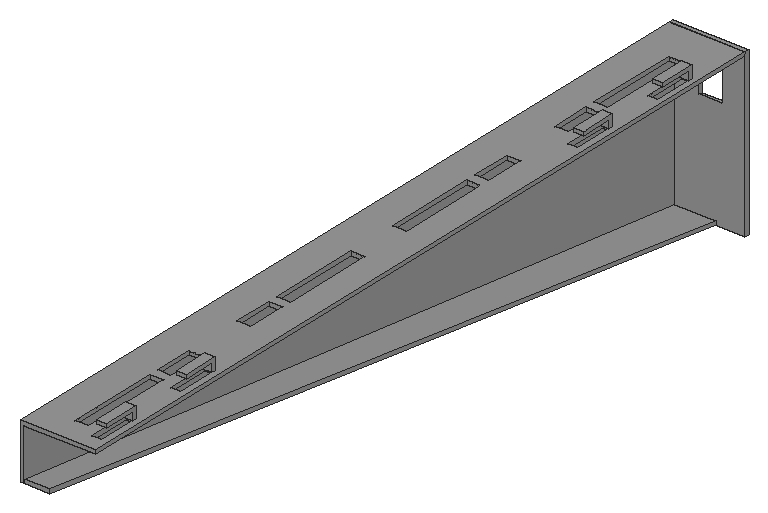
Revit family "MWAG 12 41 A2", category Generic Models, Revit 2017
Family settings
  Can host rebar = No
  Round Connector Dimension = Use Diameter
  Part Type = Normal
  Work Plane-Based = No
  Always vertical = Yes
  Cut with Voids When Loaded = No
  Shared = No
  Room Calculation Point = No
Parameters (values of type "MWAG 12 41 A2")
  URL = "http://www.obo-bettermann.com"
  Material = Edelstahl, rostfrei 1.4301 [117]
  Manufacturer Art.No. = "6424406"
  Manufacturer = "OBO BETTERMANN"
  GTIN = ""
  Cut's number = 2
  Article Type = "MWAG 12 41 A2"
Reference planes
  plane 1 "Center (Front/Back)": y = 0
  plane 2: z = 0
  plane 3 "Center (Left/Right)": x = 0
  plane 4: y = -1.9
  plane 5: y = -410.8
  plane 6: z = 55.5
  plane 7: x = 15
  plane 8: x = 23.3
  plane 9: z = 76.9
  plane 10: x = 20.5
  plane 11: y = -397.8
  plane 12: x = 20.5
  plane 13: y = -345.774
  plane 14: y = -295.774
  plane 15: y = -270.774
  plane 16: y = -210.774
  plane 17: y = -210.774
  plane 18: y = -23.747
  plane 19: x = 20.5
  plane 20: y = -75.774
  plane 21: y = -125.774
  plane 22: y = -150.774
  plane 23: y = -210.774
  plane 24: y = -383.8
  plane 25: x = 32.5
  plane 26: x = 30
  plane 27: x = 35
  plane 28: y = -333.8
  plane 29: y = -83.8
  plane 30: y = -33.8
Forms (mm)
  Extrusion 1, solid, material "Edelstahl, rostfrei 1.4301 [117]" <- "Material"
    sketch origin (0, 0, 0) x (1, 0, 0) y (0, 0, 1)
      loop
        line (0, 0) -> (38, 0) -> (38, 83.4) -> (0, 83.4) -> (0, 0)
    from 0 to 1.9
  Extrusion 2, solid, material "Edelstahl, rostfrei 1.4301 [117]" <- "Material"
    sketch origin (0, 0, 0) x (1, 0, 0) y (0, 0, 1)
      loop
        line (0, 83.4) -> (0, 0) -> (1.9, 0) -> (1.9, 81.5) -> (38, 81.5) -> (38, 83.4) -> (0, 83.4)
    from 1.9 to 410.8
  Extrusion 3, void
    sketch origin (0, 0, 0) x (0, 1, 0) y (0, 0, 1)
      loop
        line (-410.8, 0) -> (-1.9, 0) -> (-410.8, 55.5) -> (-410.8, 0)
    from 0 to 1.9
  Extrusion 4, solid, material "Edelstahl, rostfrei 1.4301 [117]" <- "Material"
    sketch origin (0, 0, 0) x (0, 1, 0) y (0, 0, 1)
      loop
        line (-1.9, 0) -> (-1.9, 1.917) -> (-410.8, 57.417) -> (-410.8, 55.5) -> (-1.9, 0)
    from 1.9 to 38
  Extrusion 5, void
    sketch origin (0, 0, 0) x (1, 0, 0) y (0, 1, 0)
      loop
        line (23.3, -1.9) -> (15, -410.8) -> (38, -410.8) -> (38, -1.9) -> (23.3, -1.9)
    from 0 to 58.447
  Extrusion 6, void
    sketch origin (0, 0, 0) x (1, 0, 0) y (0, 0, 1)
      loop
        line (14.5, 76.9) -> (14.5, 55.9) -> (26.5, 55.9) -> (26.5, 76.9) -> (14.5, 76.9)
    from 0 to 1.9
  Extrusion 7, void
    sketch origin (0, 0, 0) x (1, 0, 0) y (0, 1, 0)
      loop
        line (17, -397.8) -> (24, -397.8) -> (24, -350.774) -> (17, -350.774) -> (17, -397.8)
      loop
        line (24, -345.774) -> (24, -325.774) -> (17, -325.774) -> (17, -345.774) -> (24, -345.774)
      loop
        line (24, -295.774) -> (24, -275.774) -> (17, -275.774) -> (17, -295.774) -> (24, -295.774)
      loop
        line (24, -270.774) -> (24, -223.774) -> (17, -223.774) -> (17, -270.774) -> (24, -270.774)
    from 81.5 to 83.4
  Extrusion 8, void
    sketch origin (0, -421.547, 0) x (1, 0, 0) y (0, 1, 0)
      loop
        line (17, 397.8) -> (17, 350.774) -> (24, 350.774) -> (24, 397.8) -> (17, 397.8)
      loop
        line (24, 345.774) -> (17, 345.774) -> (17, 325.774) -> (24, 325.774) -> (24, 345.774)
      loop
        line (24, 295.774) -> (17, 295.774) -> (17, 275.774) -> (24, 275.774) -> (24, 295.774)
      loop
        line (24, 270.774) -> (17, 270.774) -> (17, 223.774) -> (24, 223.774) -> (24, 270.774)
    from 81.5 to 83.4
  Extrusion 9, solid, material "Edelstahl, rostfrei 1.4301 [117]" <- "Material"
    sketch origin (0, 0, 0) x (0, 1, 0) y (0, 0, 1)
      loop
        line (-383.8, 83.4) -> (-381.9, 83.4) -> (-381.9, 89.422) -> (-400, 89.422) -> (-400, 87.522) -> (-383.8, 87.522) -> (-383.8, 83.4)
    from 30 to 35
  Extrusion 10, solid, material "Edelstahl, rostfrei 1.4301 [117]" <- "Material"
    sketch origin (0, 50, 0) x (0, 1, 0) y (0, 0, 1)
      loop
        line (-383.8, 83.4) -> (-381.9, 83.4) -> (-381.9, 89.422) -> (-400, 89.422) -> (-400, 87.522) -> (-383.8, 87.522) -> (-383.8, 83.4)
    from 30 to 35
  Extrusion 11, solid, material "Edelstahl, rostfrei 1.4301 [117]" <- "Material"
    sketch origin (0, 300, 0) x (0, 1, 0) y (0, 0, 1)
      loop
        line (-383.8, 83.4) -> (-381.9, 83.4) -> (-381.9, 89.422) -> (-400, 89.422) -> (-400, 87.522) -> (-383.8, 87.522) -> (-383.8, 83.4)
    from 30 to 35
  Extrusion 12, solid, material "Edelstahl, rostfrei 1.4301 [117]" <- "Material"
    sketch origin (0, 350, 0) x (0, 1, 0) y (0, 0, 1)
      loop
        line (-383.8, 83.4) -> (-381.9, 83.4) -> (-381.9, 89.422) -> (-400, 89.422) -> (-400, 87.522) -> (-383.8, 87.522) -> (-383.8, 83.4)
    from 30 to 35
  Extrusion 13, void
    sketch origin (0, 0, 0) x (1, 0, 0) y (0, 1, 0)
      loop
        line (30, -381.9) -> (30, -403.5) -> (35, -403.5) -> (35, -381.9) -> (30, -381.9)
    from 81.5 to 83.4
  Extrusion 14, void
    sketch origin (0, 50, 0) x (1, 0, 0) y (0, 1, 0)
      loop
        line (30, -381.9) -> (30, -403.5) -> (35, -403.5) -> (35, -381.9) -> (30, -381.9)
    from 81.5 to 83.4
  Extrusion 15, void
    sketch origin (0, 300, 0) x (1, 0, 0) y (0, 1, 0)
      loop
        line (30, -381.9) -> (30, -403.5) -> (35, -403.5) -> (35, -381.9) -> (30, -381.9)
    from 81.5 to 83.4
  Extrusion 16, void
    sketch origin (0, 350, 0) x (1, 0, 0) y (0, 1, 0)
      loop
        line (30, -381.9) -> (30, -403.5) -> (35, -403.5) -> (35, -381.9) -> (30, -381.9)
    from 81.5 to 83.4
Cuts and joins
  Extrusion 3, Extrusion 5, Extrusion 7, Extrusion 8, Extrusion 13, Extrusion 14, Extrusion 15, Extrusion 16 cuts Extrusion 2
  Extrusion 5, Extrusion 6 cuts Extrusion 1
  Extrusion 5, Extrusion 7 cuts Extrusion 4
  Extrusion 13, Extrusion 14 cuts Extrusion 9
  Extrusion 15 cuts Extrusion 10
  Extrusion 16 cuts Extrusion 11
Dimensions and locks
  locked: Extrusion 1 sketch curve to Extrusion 1 sketch curve at 83.4
  locked: Extrusion 1 sketch curve to Extrusion 1 sketch curve at 38
  locked: Extrusion 1 to Extrusion 2 sketch curve at 1.9  (x2)
  locked: plane 1 "Center (Front/Back)" to plane 5 at 410.8
  locked: Extrusion 2 to plane 6 at 27.9
  locked: Extrusion 4 sketch curve to cut or joined group 1 (Extrusion 2, Extrusion 3, Extrusion 5, Extrusion 7, Extrusion 8, Extrusion 13, Extrusion 14, Extrusion 15, Extrusion 16) at 1.9
  locked: cut or joined group 1 to plane 7 at 15
  locked: cut or joined group 1 to plane 8 at 23.3
  locked: cut or joined group 1 to plane 9 at 6.5
  locked: cut or joined group of Extrusion 1, Extrusion 5, Extrusion 6 to plane 10 at 17.5
  locked: Extrusion 6 sketch curve to Extrusion 6 sketch curve at 12
  locked: plane 10 to Extrusion 6 sketch curve at 6
  locked: Extrusion 6 sketch curve to Extrusion 6 sketch curve at 21
  locked: plane 12 to cut or joined group 1 at 17.5
  locked: plane 12 to Extrusion 7 sketch curve at 3.5
  locked: Extrusion 7 sketch curve to Extrusion 7 sketch curve at 20  (x2)
  locked: Extrusion 7 sketch curve to Extrusion 7 sketch curve at 7  (x2)
  locked: plane 14 to Extrusion 7 sketch curve at 30
  locked: Extrusion 7 sketch curve to Extrusion 7 sketch curve at 5
  locked: Extrusion 7 sketch curve to Extrusion 7 sketch curve at 47
  locked: Extrusion 7 sketch curve to plane 16 at 13
  locked: plane 17 to cut or joined group 1 at 13
  locked: plane 19 to Extrusion 8 sketch curve at 3.5
  locked: Extrusion 8 sketch curve to Extrusion 8 sketch curve at 20  (x2)
  locked: Extrusion 8 sketch curve to Extrusion 8 sketch curve at 7  (x2)
  locked: plane 21 to Extrusion 8 sketch curve at 30
  locked: Extrusion 8 sketch curve to Extrusion 8 sketch curve at 5
  locked: Extrusion 8 sketch curve to Extrusion 8 sketch curve at 47
  locked: Extrusion 8 sketch curve to plane 23 at 13
  locked: Extrusion 9 sketch curve to Extrusion 9 sketch curve at 18.1
  locked: plane 25 to cut or joined group 1 at 5.5
  locked: Extrusion 9 to Extrusion 9 at 5
  locked: Extrusion 9 to plane 25 at 2.5
  locked: Extrusion 10 sketch curve to Extrusion 10 sketch curve at 18.1
  locked: Extrusion 10 to Extrusion 10 at 5
  locked: Extrusion 11 sketch curve to Extrusion 11 sketch curve at 18.1
  locked: Extrusion 11 to Extrusion 11 at 5
  locked: Extrusion 12 sketch curve to Extrusion 12 sketch curve at 18.1
  locked: Extrusion 12 to Extrusion 12 at 5
  Extrusion 9 to Extrusion 9 = 5 mm
  aligned and locked: level to plane 2
  aligned and locked: Extrusion 1 to plane 4
  aligned and locked: Extrusion 1 to Extrusion 2
  aligned and locked: Extrusion 2 to level
  aligned and locked: Extrusion 2 to Extrusion 1
  aligned and locked: plane 5 to Extrusion 2
  aligned and locked: Extrusion 3 to plane 3 "Center (Left/Right)"
  aligned and locked: Extrusion 3 to Extrusion 2
  aligned and locked: plane 5 to Extrusion 4
  aligned and locked: Extrusion 4 to Extrusion 1
  aligned and locked: Extrusion 4 to cut or joined group 1
  aligned and locked: Extrusion 6 to plane 1 "Center (Front/Back)"
  aligned and locked: Extrusion 1 to Extrusion 6
  aligned and locked: Extrusion 2 to Extrusion 7  (x2)
  aligned and locked: Extrusion 9 to cut or joined group 1
  aligned and locked: Extrusion 9 to plane 26
  aligned and locked: Extrusion 9 to plane 27
  aligned and locked: Extrusion 2 to Extrusion 13  (x2)
